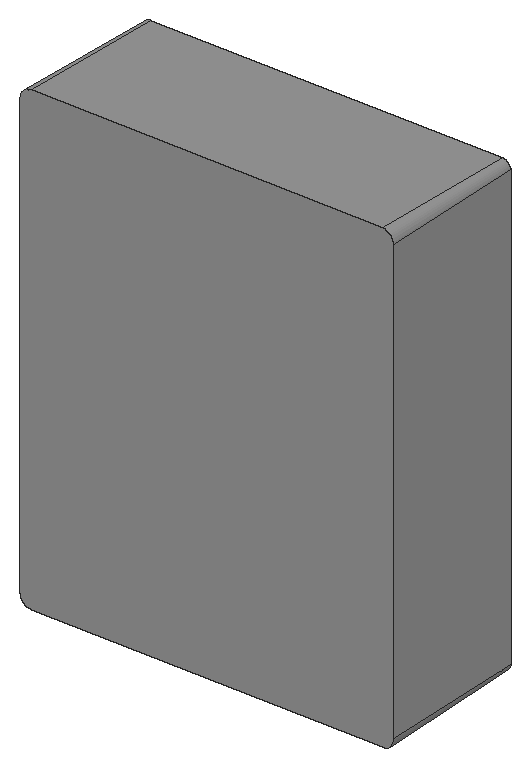
Revit family "L&L_LUCE&LIGHT_PASITO_MINI_1.2", category Lighting Fixtures, host Wall, Revit 2018 (continued)
Parameters (values of type "PASITO_MINI_1.2 – 60°")
    .00 0.00 0.00 0.00 0.00 0.00 0.00 0.00 0.00 0.00 \r\n0.00 0.00 0.00 0.00 0.00 0.00 0.00 0.00 0.00 0.00 0.00 \r\n0.00 0.00 0.00 0.00 0.00 0.00 0.00 0.00 0.00 0.00 0.00 \r\n0.00 0.00 0.00 0.01 0.02 \r\n0.01 0.01 0.01 0.00 0.00 0.00 0.00 0.00 0.00 0.00 0.00 \r\n0.00 0.00 0.00 0.00 0.00 0.00 0.00 0.00 0.00 0.00 0.00 \r\n0.00 0.00 0.00 0.00 0.00 0.00 0.00 0.00 0.00 0.00 0.00 \r\n0.00 0.00 0.00 0.00 0.00 0.00 0.00 0.00 0.00 0.00 0.00 \r\n0.00 0.00 0.00 0.00 0.00 0.00 0.00 0.00 0.00 0.00 0.00 \r\n0.00 0.00 0.00 0.00 0.00 0.00 0.00 0.00 0.00 0.00 0.00 \r\n0.00 0.00 0.00 0.00 0.00 0.00 0.00 0.00 0.00 0.00 0.00 \r\n0.00 0.00 0.00 0.00 0.00 0.00 0.00 0.00 0.00 0.00 0.00 \r\n0.00 0.00 0.00 0.00 0.00 0.00 0.00 0.00 0.00 0.00 0.00 \r\n0.00 0.00 0.00 0.00 0.00 0.00 0.00 0.00 0.00 0.00 0.00 \r\n0.00 0.00 0.00 0.00 0.00 0.00 0.00 0.00 0.00 0.00 0.00 \r\n0.00 0.00 0.00 0.00 0.00 0.00 0.00 0.00 0.00 0.00 0.00 \r\n0.00 0.00 0.00 0.00 0.00 0.00 0.00 0.00 0.00 0.00 0.00 \r\n0.00 0.00 0.00 0.00 0.00 0.00 0.00 0.00 0.00 0.00 0.00 \r\n0.00 0.00 0.00 0.00 0.00 0.00 0.00 0.00 0.00 0.00 0.00 \r\n0.00 0.00 0.00 0.00 0.00 0.00 0.00 0.00 0.00 0.00 0.00 \r\n0.00 0.00 0.00 0.01 0.02 \r\n0.01 0.01 0.01 0.01 0.00 0.00 0.00 0.00 0.00 0.00 0.00 \r\n0.00 0.00 0.00 0.00 0.00 0.00 0.00 0.00 0.00 0.00 0.00 \r\n0.00 0.00 0.00 0.00 0.00 0.00 0.00 0.00 0.00 0.00 0.00 \r\n0.00 0.00 0.00 0.00 0.00 0.00 0.00 0.00 0.00 0.00 0.00 \r\n0.00 0.00 0.00 0.00 0.00 0.00 0.00 0.00 0.00 0.00 0.00 \r\n0.00 0.00 0.00 0.00 0.00 0.00 0.00 0.00 0.00 0.00 0.00 \r\n0.00 0.00 0.00 0.00 0.00 0.00 0.00 0.00 0.00 0.00 0.00 \r\n0.00 0.00 0.00 0.00 0.00 0.00 0.00 0.00 0.00 0.00 0.00 \r\n0.00 0.00 0.00 0.00 0.00 0.00 0.00 0.00 0.00 0.00 0.00 \r\n0.00 0.00 0.00 0.00 0.00 0.00 0.00 0.00 0.00 0.00 0.00 \r\n0.00 0.00 0.00 0.00 0.00 0.00 0.00 0.00 0.00 0.00 0.00 \r\n0.00 0.00 0.00 0.00 0.00 0.00 0.00 0.00 0.00 0.00 0.00 \r\n0.00 0.00 0.00 0.00 0.00 0.00 0.00 0.00 0.00 0.00 0.00 \r\n0.00 0.00 0.00 0.00 0.00 0.00 0.00 0.00 0.00 0.00 0.00 \r\n0.00 0.00 0.00 0.00 0.00 0.00 0.00 0.00 0.00 0.00 0.00 \r\n0.00 0.00 0.00 0.00 0.00 0.00 0.00 0.00 0.00 0.00 0.00 \r\n0.00 0.00 0.01 0.01 0.02 \r\n0.01 0.01 0.02 0.01 0.01 0.00 0.00 0.00 0.00 0.00 0.00 \r\n0.00 0.00 0.00 0.00 0.00 0.00 0.00 0.00 0.00 0.00 0.00 \r\n0.00 0.00 0.00 0.00 0.00 0.00 0.00 0.00 0.00 0.00 0.00 \r\n0.00 0.00 0.00 0.00 0.00 0.00 0.00 0.00 0.00 0.00 0.00 \r\n0.00 0.00 0.00 0.00 0.00 0.00 0.00 0.00 0.00 0.00 0.00 \r\n0.00 0.00 0.00 0.00 0.00 0.00 0.00 0.00 0.00 0.00 0.00 \r\n0.00 0.00 0.00 0.00 0.00 0.00 0.00 0.00 0.00 0.00 0.00 \r\n0.00 0.00 0.00 0.00 0.00 0.00 0.00 0.00 0.00 0.00 0.00 \r\n0.00 0.00 0.00 0.00 0.00 0.00 0.00 0.00 0.00 0.00 0.00 \r\n0.00 0.00 0.00 0.00 0.00 0.00 0.00 0.00 0.00 0.00 0.00 \r\n0.00 0.00 0.00 0.00 0.00 0.00 0.00 0.00 0.00 0.00 0.00 \r\n0.00 0.00 0.00 0.00 0.00 0.00 0.00 0.00 0.00 0.00 0.00 \r\n0.00 0.00 0.00 0.00 0.00 0.00 0.00 0.00 0.00 0.00 0.00 \r\n0.00 0.00 0.00 0.00 0.00 0.00 0.00 0.00 0.00 0.00 0.00 \r\n0.00 0.00 0.00 0.00 0.00 0.00 0.00 0.00 0.00 0.00 0.00 \r\n0.00 0.00 0.00 0.00 0.00 0.00 0.00 0.00 0.00 0.00 0.00 \r\n0.00 0.01 0.01 0.01 0.02 \r\n0.01 0.02 0.02 0.02 0.02 0.02 0.02 0.01 0.01 0.01 0.00 \r\n0.00 0.00 0.00 0.00 0.00 0.00 0.00 0.00 0.00 0.00 0.00 \r\n0.00 0.00 0.00 0.00 0.00 0.00 0.00 0.00 0.00 0.00 0.00 \r\n0.00 0.00 0.00 0.00 0.00 0.00 0.00 0.00 0.00 0.00 0.00 \r\n0.00 0.00 0.00 0.00 0.00 0.00 0.00 0.00 0.00 0.00 0.00 \r\n0.00 0.00 0.00 0.00 0.00 0.00 0.00 0.00 0.00 0.00 0.00 \r\n0.00 0.00 0.00 0.00 0.00 0.00 0.00 0.00 0.00 0.00 0.00 \r\n0.00 0.00 0.00 0.00 0.00 0.00 0.00 0.00 0.00 0.00 0.00 \r\n0.00 0.00 0.00 0.00 0.00 0.00 0.00 0.00 0.00 0.00 0.00 \r\n0.00 0.00 0.00 0.00 0.00 0.00 0.00 0.00 0.00 0.00 0.00 \r\n0.00 0.00 0.00 0.00 0.00 0.00 0.00 0.00 0.00 0.00 0.00 \r\n0.00 0.00 0.00 0.00 0.00 0.00 0.00 0.00 0.00 0.00 0.00 \r\n0.00 0.00 0.00 0.00 0.00 0.00 0.00 0.00 0.00 0.00 0.00 \r\n0.00 0.00 0.00 0.00 0.00 0.00 0.00 0.00 0.00 0.00 0.00 \r\n0.00 0.00 0.00 0.00 0.00 0.00 0.00 0.00 0.00 0.00 0.00 \r\n0.00 0.00 0.00 0.00 0.00 0.00 0.00 0.01 0.01 0.01 0.01 \r\n0.01 0.01 0.01 0.01 0.02 \r\n0.01 0.02 0.02 0.02 0.03 0.03 0.03 0.04 0.04 0.04 0.05 \r\n0.05 0.05 0.06 0.06 0.07 0.07 0.07 0.08 0.08 0.09 0.09 \r\n0.10 0.10 0.10 0.11 0.11 0.12 0.12 0.13 0.13 0.14 0.14 \r\n0.15 0.15 0.16 0.16 0.16 0.17 0.17 0.18 0.18 0.19 0.19 \r\n0.19 0.20 0.20 0.21 0.21 0.21 0.22 0.22 0.23 0.23 0.23 \r\n0.24 0.24 0.25 0.25 0.25 0.26 0.26 0.26 0.27 0.27 0.27 \r\n0.28 0.28 0.28 0.29 0.29 0.29 0.30 0.30 0.30 0.31 0.31 \r\n0.31 0.31 0.31 0.32 0.32 0.32 0.32 0.32 0.32 0.33 0.33 \r\n0.33 0.33 0.33 0.33 0.33 0.33 0.33 0.33 0.33 0.33 0.33 \r\n0.33 0.33 0.33 0.32 0.32 0.32 0.32 0.32 0.31 0.31 0.31 \r\n0.31 0.30 0.30 0.30 0.29 0.29 0.29 0.28 0.28 0.28 0.27 \r\n0.27 0.26 0.26 0.25 0.25 0.24 0.24 0.23 0.23 0.23 0.22 \r\n0.22 0.21 0.21 0.20 0.20 0.19 0.19 0.18 0.18 0.17 0.17 \r\n0.16 0.16 0.15 0.15 0.14 0.14 0.13 0.13 0.12 0.12 0.11 \r\n0.11 0.10 0.10 0.09 0.09 0.08 0.08 0.07 0.07 0.06 0.06 \r\n0.05 0.05 0.04 0.04 0.03 0.03 0.03 0.02 0.02 0.02 0.02 \r\n0.02 0.02 0.02 0.02 0.02 \r\n0.01 0.02 0.04 0.06 0.08 0.10 0.12 0.15 0.18 0.21 0.24 \r\n0.26 0.30 0.36 0.41 0.46 0.51 0.56 0.60 0.65 0.71 0.77 \r\n0.83 0.88 0.94 0.98 1.01 1.04 1.08 1.11 1.15 1.18 1.21 \r\n1.23 1.26 1.28 1.31 1.35 1.38 1.42 1.45 1.49 1.51 1.53 \r\n1.55 1.57 1.59 1.61 1.63 1.65 1.66 1.68 1.69 1.70 1.71 \r\n1.72 1.73 1.75 1.76 1.77 1.78 1.78 1.78 1.77 1.77 1.76 \r\n1.75 1.75 1.75 1.75 1.75 1.74 1.73 1.72 1.71 1.70 1.69 \r\n1.67 1.66 1.65 1.64 1.62 1.61 1.60 1.58 1.57 1.55 1.53 \r\n1.51 1.50 1.48 1.47 1.46 1.45 1.43 1.42 1.40 1.38 1.36 \r\n1.34 1.33 1.31 1.29 1.28 1.26 1.25 1.23 1.20 1.18 1.16 \r\n1.13 1.11 1.09 1.07 1.05 1.03 1.01 0.98 0.96 0.94 0.92 \r\n0.89 0.87 0.85 0.83 0.81 0.79 0.77 0.75 0.73 0.71 0.69 \r\n0.67 0.64 0.62 0.60 0.58 0.56 0.54 0.53 0.51 0.49 0.47 \r\n0.46 0.44 0.42 0.41 0.39 0.37 0.35 0.33 0.32 0.30 0.28 \r\n0.27 0.25 0.24 0.22 0.21 0.20 0.18 0.17 0.15 0.14 0.13 \r\n0.11 0.10 0.09 0.08 0.07 0.06 0.06 0.05 0.04 0.04 0.03 \r\n0.03 0.02 0.02 0.02 0.02 \r\n0.01 0.03 0.06 0.09 0.15 0.22 0.28 0.39 0.50 0.62 0.74 \r\n0.86 0.97 1.08 1.18 1.28 1.37 1.46 1.55 1.64 1.74 1.84 \r\n1.96 2.09 2.24 2.39 2.50 2.57 2.63 2.67 2.68 2.74 2.80 \r\n2.85 2.90 2.95 2.99 3.03 3.09 3.14 3.19 3.25 3.31 3.37 \r\n3.44 3.50 3.56 3.61 3.64 3.67 3.70 3.73 3.76 3.79 3.81 \r\n3.83 3.84 3.85 3.85 3.86 3.87 3.87 3.87 3.87 3.86 3.85 \r\n3.84 3.83 3.81 3.79 3.77 3.74 3.71 3.68 3.64 3.61 3.57 \r\n3.54 3.50 3.46 3.42 3.37 3.33 3.29 3.24 3.19 3.14 3.09 \r\n3.04 2.98 2.93 2.87 2.82 2.77 2.72 2.68 2.63 2.59 2.55 \r\n2.51 2.47 2.43 2.39 2.35 2.31 2.26 2.22 2.18 2.14 2.09 \r\n2.05 2.01 1.97 1.93 1.89 1.85 1.80 1.76 1.72 1.68 1.64 \r\n1.60 1.56 1.52 1.49 1.45 1.41 1.38 1.34 1.31 1.27 1.24 \r\n1.20 1.16 1.13 1.09 1.06 1.03 0.99 0.96 0.93 0.90 0.86 \r\n0.83 0.80 0.77 0.74 0.71 0.67 0.64 0.61 0.59 0.56 0.53 \r\n0.51 0.48 0.45 0.42 0.40 0.37 0.35 0.32 0.30 0.28 0.25 \r\n0.23 0.21 0.19 0.17 0.15 0.13 0.11 0.10 0.08 0.06 0.05 \r\n0.04 0.03 0.02 0.02 0.02 \r\n0.01 0.04 0.08 0.15 0.25 0.43 0.60 0.79 0.97 1.13 1.28 \r\n1.40 1.52 1.62 1.74 1.90 2.09 2.33 2.59 2.90 3.23 3.61 \r\n4.00 4.42 4.80 5.20 5.53 5.84 6.07 6.25 6.37 6.47 6.55 \r\n6.63 6.69 6.72 6.75 6.79 6.87 6.96 7.04 7.12 7.17 7.22 \r\n7.27 7.32 7.39 7.44 7.49 7.51 7.53 7.54 7.56 7.58 7.62 \r\n7.64 7.64 7.63 7.62 7.61 7.60 7.58 7.55 7.50 7.44 7.37 \r\n7.29 7.22 7.14 7.07 6.99 6.91 6.82 6.73 6.64 6.55 6.45 \r\n6.35 6.26 6.16 6.07 5.97 5.88 5.78 5.68 5.57 5.47 5.37 \r\n5.27 5.16 5.05 4.93 4.81 4.68 4.54 4.39 4.23 4.07 3.90 \r\n3.75 3.62 3.50 3.41 3.33 3.27 3.21 3.15 3.09 3.03 2.97 \r\n2.91 2.85 2.80 2.74 2.69 2.63 2.58 2.52 2.47 2.41 2.36 \r\n2.31 2.26 2.21 2.16 2.10 2.05 2.00 1.95 1.90 1.85 1.80 \r\n1.74 1.69 1.64 1.59 1.55 1.51 1.46 1.41 1.36 1.32 1.27 \r\n1.23 1.18 1.14 1.09 1.05 1.00 0.96 0.92 0.88 0.84 0.80 \r\n0.75 0.71 0.67 0.63 0.59 0.56 0.52 0.48 0.45 0.42 0.39 \r\n0.35 0.32 0.29 0.26 0.23 0.20 0.18 0.15 0.13 0.10 0.08 \r\n0.05 0.03 0.02 0.02 0.02 \r\n0.01 0.04 0.10 0.21 0.43 0.70 0.95 1.16 1.34 1.49 1.61 \r\n1.77 1.97 2.27 2.66 3.11 3.61 4.17 4.79 5.50 6.22 6.95 \r\n7.68 8.42 9.12 10.00 10.78 11.44 12.00 12.38 12.61 12.73 \r\n12.80 12.91 12.97 12.99 12.95 12.92 12.96 13.05 13.14 \r\n13.19 13.19 13.17 13.18 13.18 13.20 13.18 13.15 13.11 \r\n13.07 13.02 12.96 12.89 12.80 12.74 12.66 12.60 12.52 \r\n12.43 12.33 12.21 12.08 11.94 11.79 11.63 11.47 11.29 \r\n11.11 10.94 10.76 10.58 10.39 10.21 10.03 9.84 9.66 9.48 \r\n9.31 9.13 8.95 8.78 8.60 8.43 8.25 8.08 7.91 7.74 7.57 \r\n7.40 7.23 7.07 6.90 6.73 6.54 6.34 6.13 5.90 5.66 5.41 \r\n5.14 4.88 4.63 4.41 4.23 4.10 4.01 3.95 3.90 3.86 3.80 \r\n3.74 3.67 3.60 3.53 3.46 3.39 3.33 3.26 3.20 3.13 3.06 \r\n2.99 2.92 2.85 2.79 2.73 2.67 2.60 2.53 2.46 2.40 2.34 \r\n2.27 2.20 2.14 2.07 2.01 1.95 1.89 1.82 1.76 1.69 1.63 \r\n1.57 1.51 1.45 1.39 1.34 1.28 1.23 1.17 1.11 1.06 1.00 \r\n0.95 0.90 0.84 0.79 0.74 0.69 0.65 0.60 0.56 0.51 0.47 \r\n0.43 0.39 0.35 0.31 0.27 0.24 0.21 0.18 0.14 0.11 0.07 \r\n0.04 0.02 0.02 0.02 \r\n0.01 0.05 0.13 0.33 0.64 0.97 1.24 1.43 1.59 1.77 2.04 \r\n2.42 2.91 3.49 4.18 4.99 5.91 6.89 7.86 8.92 10.16 11.55 \r\n13.02 14.51 16.14 17.80 19.37 20.81 22.16 23.21 23.76 \r\n23.83 23.65 23.53 23.52 23.54 23.56 23.50 23.42 23.41 \r\n23.36 23.25 23.12 23.04 22.94 22.83 22.72 22.62 22.50 \r\n22.33 22.12 21.94 21.76 21.61 21.45 21.28 21.07 20.84 \r\n20.58 20.33 20.09 19.88 19.65 19.41 19.14 18.85 18.53 \r\n18.19 17.83 17.47 17.11 16.76 16.42 16.07 15.71 15.32 \r\n14.93 14.53 14.12 13.72 13.31 12.92 12.53 12.15 11.77 \r\n11.40 11.05 10.70 10.36 10.04 9.73 9.43 9.15 8.87 8.60 \r\n8.32 8.04 7.76 7.47 7.17 6.87 6.58 6.29 6.01 5.74 5.49 \r\n5.27 5.08 4.93 4.82 4.73 4.66 4.59 4.53 4.46 4.38 4.30 \r\n4.22 4.13 4.04 3.96 3.87 3.79 3.71 3.62 3.54 3.45 3.37 \r\n3.29 3.21 3.12 3.03 2.95 2.86 2.77 2.69 2.61 2.53 2.45 \r\n2.37 2.29 2.21 2.13 2.06 1.98 1.90 1.83 1.75 1.68 1.61 \r\n1.54 1.47 1.40 1.33 1.26 1.19 1.13 1.06 1.00 0.94 0.88 \r\n0.82 0.76 0.70 0.65 0.59 0.54 0.49 0.44 0.39 0.35 0.31 \r\n0.27 0.22 0.18 0.14 0.09 0.05 0.03 0.02 0.02 \r\n0.01 0.06 0.15 0.44 0.85 1.20 1.44 1.61 1.86 2.27 2.80 \r\n3.43 4.18 5.08 6.18 7.42 8.72 10.16 11.87 13.81 15.91 \r\n18.28 20.95 23.75 26.69 29.87 33.01 35.68 37.75 39.22 \r\n40.09 40.49 40.46 40.22 40.17 40.33 40.40 40.26 40.04 \r\n39.89 39.84 39.75 39.57 39.35 39.09 38.76 38.43 38.19 \r\n38.01 37.78 37.44 37.07 36.70 36.30 35.89 35.47 35.01 \r\n34.48 33.93 33.45 32.99 32.52 31.98 31.42 30.86 30.30 \r\n29.69 29.05 28.38 27.71 27.04 26.37 25.67 24.95 24.23 \r\n23.49 22.75 21.98 21.19 20.38 19.56 18.74 17.93 17.15 \r\n16.40 15.68 15.00 14.35 13.73 13.16 12.62 12.13 11.67 \r\n11.23 10.82 10.41 10.02 9.63 9.25 8.88 8.53 8.18 7.86 \r\n7.54 7.24 6.95 6.67 6.42 6.19 6.00 5.85 5.72 5.62 5.52 \r\n5.43 5.34 5.24 5.13 5.03 4.92 4.82 4.71 4.61 4.51 4.41 \r\n4.31 4.20 4.10 4.00 3.89 3.79 3.68 3.58 3.48 3.37 3.27 \r\n3.17 3.07 2.98 2.88 2.77 2.68 2.58 2.49 2.39 2.30 2.21 \r\n2.13 2.04 1.96 1.87 1.78 1.69 1.60 1.52 1.44 1.36 1.28 \r\n1.21 1.13 1.05 0.98 0.91 0.84 0.78 0.72 0.65 0.59 0.53 \r\n0.48 0.42 0.37 0.32 0.27 0.22 0.17 0.12 0.07 0.03 0.02 \r\n0.02 \r\n0.01 0.06 0.21 0.59 1.03 1.37 1.58 1.85 2.36 3.01 3.75 \r\n4.66 5.77 7.15 8.67 10.26 12.20 14.54 17.09 19.96 23.38 \r\n27.18 31.34 35.82 40.02 43.76 47.10 49.82 51.81 52.93 \r\n53.29 53.70 54.47 55.21 55.70 56.06 56.38 56.65 56.97 \r\n57.33 57.61 57.64 57.47 57.33 57.25 57.13 56.94 56.63 \r\n56.21 55.76 55.32 54.85 54.31 53.68 53.00 52.27 51.49 \r\n50.72 49.95 49.14 48.27 47.35 46.37 45.36 44.35 43.37 \r\n42.37 41.32 40.20 39.05 37.92 36.79 35.65 34.45 33.22 \r\n31.93 30.63 29.34 28.03 26.72 25.42 24.15 22.90 21.70 \r\n20.57 19.50 18.51 17.60 16.76 15.98 15.27 14.61 14.00 \r\n13.42 12.87 12.33 11.81 11.32 10.84 10.40 9.98 9.59 9.23 \r\n8.90 8.60 8.31 8.04 7.78 7.53 7.28 7.06 6.85 6.67 6.52 \r\n6.40 6.29 6.18 6.06 5.93 5.82 5.69 5.56 5.43 5.31 5.19 \r\n5.06 4.94 4.82 4.70 4.58 4.45 4.33 4.22 4.10 3.98 3.86 \r\n3.74 3.62 3.50 3.38 3.26 3.14 3.03 2.92 2.81 2.69 2.59 \r\n2.49 2.39 2.28 2.18 2.07 1.98 1.88 1.78 1.67 1.58 1.50 \r\n1.40 1.32 1.23 1.15 1.07 0.99 0.91 0.83 0.76 0.69 0.62 \r\n0.55 0.49 0.43 0.37 0.32 0.26 0.20 0.14 0.08 0.04 0.02 \r\n0.02 \r\n0.01 0.07 0.27 0.73 1.20 1.50 1.76 2.25 2.98 3.80 4.83 \r\n6.14 7.76 9.45 11.30 13.74 16.57 19.71 23.54 27.96 32.63 \r\n37.73 42.90 47.67 51.58 54.44 56.50 57.94 59.13 60.32 \r\n61.44 62.46 63.53 64.62 65.53 66.24 66.88 67.61 68.34 \r\n68.91 69.26 69.49 69.70 69.89 70.06 70.14 70.07 69.88 \r\n69.64 69.36 68.99 68.47 67.83 67.15 66.46 65.72 64.89 \r\n63.96 62.95 61.87 60.72 59.53 58.31 57.04 55.69 54.34 \r\n52.96 51.47 49.94 48.40 46.82 45.18 43.49 41.77 40.01 \r\n38.20 36.34 34.46 32.60 30.77 29.01 27.33 25.75 24.28 \r\n22.94 21.71 20.58 19.55 18.61 17.75 16.96 16.24 15.57 \r\n14.93 14.32 13.73 13.16 12.62 12.11 11.64 11.20 10.79 \r\n10.41 10.06 9.74 9.45 9.18 8.95 8.73 8.52 8.30 8.06 7.82 \r\n7.57 7.35 7.17 7.04 6.93 6.80 6.65 6.50 6.36 6.24 6.10 \r\n5.94 5.80 5.67 5.54 5.38 5.23 5.10 4.98 4.83 4.69 4.55 \r\n4.42 4.28 4.15 4.02 3.88 3.74 3.61 3.48 3.35 3.21 3.09 \r\n2.97 2.84 2.72 2.59 2.48 2.37 2.25 2.13 2.03 1.92 1.81 \r\n1.70 1.60 1.50 1.40 1.30 1.21 1.12 1.03 0.95 0.86 0.78 \r\n0.71 0.63 0.56 0.49 0.42 0.36 0.29 0.23 0.16 0.10 0.04 \r\n0.02 0.02 \r\n0.01 0.07 0.33 0.85 1.33 1.59 2.00 2.72 3.61 4.70 6.13 \r\n7.90 9.72 11.86 14.65 17.90 21.69 26.22 31.29 36.88 42.92 \r\n48.75 53.54 56.97 59.28 61.23 63.09 64.94 66.56 68.08 \r\n69.76 71.37 72.83 74.07 75.32 76.66 77.80 78.78 79.76 \r\n80.67 81.43 82.06 82.64 83.10 83.46 83.74 83.80 83.77 \r\n83.78 83.74 83.50 83.00 82.36 81.66 80.90 80.08 79.20 \r\n78.23 77.16 76.00 74.73 73.30 71.76 70.19 68.58 66.88 \r\n65.09 63.23 61.27 59.21 57.03 54.72 52.31 49.82 47.23 \r\n44.57 41.89 39.25 36.68 34.24 31.96 29.88 27.98 26.27 \r\n24.72 23.34 22.09 20.97 19.96 19.04 18.21 17.45 16.74 \r\n16.08 15.44 14.82 14.23 13.67 13.15 12.67 12.22 11.81 \r\n11.42 11.06 10.73 10.42 10.15 9.90 9.68 9.48 9.29 9.10 \r\n8.89 8.65 8.38 8.12 7.89 7.71 7.57 7.43 7.27 7.10 6.94 \r\n6.80 6.66 6.51 6.34 6.18 6.04 5.89 5.73 5.55 5.40 5.27 \r\n5.11 4.94 4.80 4.65 4.49 4.35 4.20 4.05 3.90 3.76 3.61 \r\n3.47 3.34 3.19 3.05 2.92 2.78 2.65 2.53 2.40 2.27 2.15 \r\n2.03 1.91 1.80 1.68 1.58 1.46 1.35 1.25 1.15 1.06 0.96 \r\n0.87 0.79 0.70 0.62 0.55 0.47 0.39 0.32 0.25 0.18 0.11 \r\n0.05 0.02 0.02 \r\n0.01 0.08 0.38 0.97 1.43 1.70 2.29 3.18 4.29 5.73 7.55 \r\n9.52 11.82 14.84 18.45 22.56 27.60 33.40 39.87 46.73 \r\n52.80 57.39 60.47 62.96 65.37 67.74 69.93 72.13 74.37 \r\n76.40 78.50 80.51 82.32 84.08 85.82 87.46 88.92 90.35 \r\n91.74 93.06 94.25 95.21 96.05 96.90 97.57 98.06 98.46 \r\n98.68 98.77 98.76 98.60 98.25 97.82 97.30 96.60 95.78 \r\n94.79 93.65 92.50 91.24 89.82 88.26 86.51 84.67 82.73 \r\n80.64 78.45 76.16 73.69 71.00 68.10 65.00 61.70 58.22 \r\n54.61 50.94 47.31 43.80 40.49 37.44 34.67 32.19 30.00 \r\n28.06 26.33 24.81 23.45 22.25 21.17 20.19 19.30 18.50 \r\n17.75 17.05 16.38 15.73 15.12 14.55 14.02 13.53 13.08 \r\n12.65 12.26 11.91 11.57 11.26 10.97 10.71 10.47 10.26 \r\n10.07 9.89 9.72 9.52 9.29 9.02 8.75 8.50 8.29 8.13 7.98 \r\n7.83 7.65 7.45 7.28 7.12 6.98 6.81 6.62 6.45 6.28 6.12 \r\n5.95 5.77 5.61 5.45 5.28 5.11 4.94 4.79 4.62 4.46 4.31 \r\n4.15 3.98 3.83 3.66 3.51 3.36 3.21 3.06 2.92 2.78 2.64 \r\n2.49 2.36 2.24 2.11 1.98 1.85 1.73 1.61 1.49 1.37 1.26 \r\n1.16 1.06 0.96 0.86 0.77 0.68 0.60 0.51 0.43 0.35 0.27 \r\n0.20 0.13 0.06 0.02 0.02 \r\n0.01 0.08 0.44 1.08 1.49 1.82 2.59 3.64 5.00 6.78 8.83 \r\n11.15 14.24 18.03 22.33 27.65 34.06 41.17 48.59 55.00 \r\n59.49 62.83 65.79 68.61 71.33 74.09 76.91 79.51 82.09 \r\n84.72 87.14 89.45 91.83 94.16 96.20 98.14 100.17 102.06 \r\n103.86 105.52 107.04 108.36 109.48 110.62 111.60 112.30 \r\n112.89 113.43 113.72 113.83 113.72 113.49 113.23 112.79 \r\n112.15 111.32 110.35 109.23 107.95 106.52 104.96 103.25 \r\n101.39 99.35 97.10 94.65 91.98 89.07 85.89 82.42 78.66 \r\n74.62 70.30 65.79 61.18 56.55 52.04 47.77 43.82 40.27 \r\n37.11 34.32 31.86 29.70 27.81 26.16 24.69 23.39 22.23 \r\n21.18 20.24 19.40 18.62 17.89 17.18 16.51 15.88 15.29 \r\n14.75 14.24 13.79 13.36 12.96 12.59 12.25 11.94 11.66 \r\n11.40 11.16 10.94 10.74 10.55 10.37 10.21 10.04 9.81 9.55 \r\n9.26 9.00 8.76 8.57 8.41 8.26 8.07 7.87 7.67 7.49 7.33 \r\n7.18 6.99 6.78 6.60 6.43 6.26 6.07 5.89 5.71 5.54 5.36 \r\n5.18 5.01 4.84 4.66 4.48 4.31 4.14 3.98 3.81 3.63 3.48 \r\n3.32 3.17 3.01 2.85 2.71 2.56 2.41 2.27 2.14 2.00 1.88 \r\n1.74 1.61 1.48 1.36 1.25 1.15 1.04 0.93 0.83 0.73 0.64 \r\n0.55 0.46 0.37 0.29 0.21 0.14 0.06 0.02 0.02 \r\n0.01 0.08 0.50 1.16 1.54 1.97 2.87 4.07 5.69 7.70 10.01 \r
